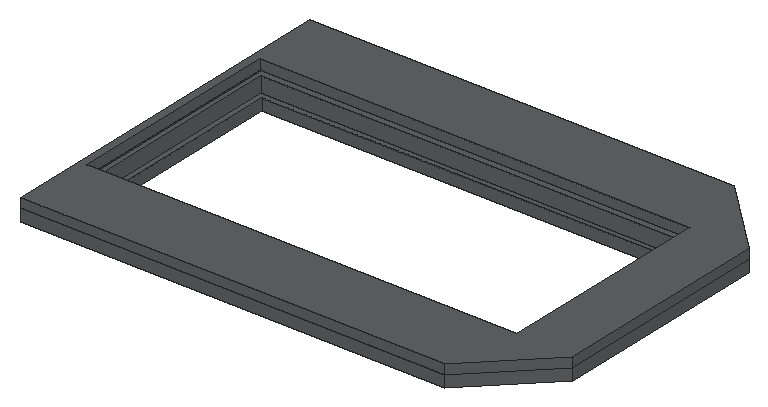
Revit family "Abdeckplatte für Universalträger UT3, Modul 45-Einbauöffnung, 104", category Generic Models, Revit 2015
Parameters (values of type "UT34 P2")
  Width = 76 mm
  URL = "http://www.obo-bettermann.com"
  Material = OBO PA
  Manufacturer Art.No. = "7408773"
  Manufacturer = "OBO Bettermann"
  Length = 104 mm
  Height 1 = 2 mm
  Height = 4.5 mm
  GTIN = "4012196435364"
  Article Type = "UT34 P2"
Reference planes
  plane 1 "Center (Front/Back)": y = 0
  plane 2: z = 0
  plane 3 "Center (Left/Right)": x = 0
  plane 4: z = -2
  plane 5: z = -4.5
  plane 6: z = -5.25
  plane 7: z = -7.75
Forms (mm)
  Extrusion 1, solid, material "OBO PA" <- "Material"
    sketch origin (0, 0, 0) x (1, 0, 0) y (0, 1, 0)
      loop
        line (-62.75, 38) -> (-62.75, -38) -> (26.25, -38) -> (41.25, -23) -> (41.25, 23) -> (26.25, 38) -> (-62.75, 38)
    from 0 to -2
  Extrusion 2, solid, material "OBO PA" <- "Material"
    sketch origin (0, 0, 0) x (1, 0, 0) y (0, 1, 0)
      loop
        line (26.25, 38) -> (-62.75, 38) -> (-62.75, -38) -> (26.25, -38) -> (41.25, -23) -> (41.25, 23) -> (26.25, 38)
      loop
        line (-60.75, 36) -> (-60.75, -36) -> (25.422, -36) -> (39.25, -22.172) -> (39.25, 22.172) -> (25.422, 36) -> (-60.75, 36)
    from -2 to -4.5
  Extrusion 3, void
    sketch origin (0, 0, 0) x (1, 0, 0) y (0, 1, 0)
      loop
        line (-61.05, 22.65) -> (-61.05, -22.65) -> (29.25, -22.65) -> (29.25, 22.65) -> (-61.05, 22.65)
    from 0 to -2
  Extrusion 4, solid, material "OBO PA" <- "Material"
    sketch origin (0, 0, 0) x (1, 0, 0) y (0, 1, 0)
      loop
        line (29.25, 22.65) -> (-61.05, 22.65) -> (-61.05, -22.65) -> (29.25, -22.65) -> (29.25, 22.65)
      loop
        line (27.75, 21.15) -> (-59.55, 21.15) -> (-59.55, -21.15) -> (27.75, -21.15) -> (27.75, 21.15)
    from -2 to -5.25
  Extrusion 5, solid, material "OBO PA" <- "Material"
    sketch origin (0, 0, 0) x (1, 0, 0) y (0, 1, 0)
      loop
        line (-59.55, 21.15) -> (-59.55, -21.15) -> (27.75, -21.15) -> (27.75, 21.15) -> (-59.55, 21.15)
      loop
        line (-58.55, 20.15) -> (-58.55, -20.15) -> (26.75, -20.15) -> (26.75, 20.15) -> (-58.55, 20.15)
    from -5.25 to -7.75
Cuts and joins
  Extrusion 3 cuts Extrusion 1
Dimensions and locks
  "Height 1": level to plane 4
  "Height": level to plane 5
  locked: Extrusion 1 sketch curve to Extrusion 1 sketch curve at 15  (x2)
  "Width": Extrusion 1 sketch curve to Extrusion 1 sketch curve
  "Length": Extrusion 1 sketch curve to Extrusion 1 sketch curve
  equal spacing: Extrusion 1 sketch curve, plane 1 "Center (Front/Back)", Extrusion 1 sketch curve, locked at 38 each
  locked: plane 3 "Center (Left/Right)" to Extrusion 1 sketch curve at 41.25
  locked: Extrusion 3 sketch curve to Extrusion 3 sketch curve at 90.3
  locked: Extrusion 3 sketch curve to Extrusion 3 sketch curve at 45.3
  equal spacing: Extrusion 3 sketch curve, plane 1 "Center (Front/Back)", Extrusion 3 sketch curve, locked at 22.65 each
  locked: Extrusion 3 sketch curve to cut or joined group of Extrusion 1, Extrusion 3 at 12
  plane 3 "Center (Left/Right)" to Extrusion 4 = 61.05 mm
  locked: plane 5 to plane 6 at 0.75
  locked: Extrusion 5 sketch curve to Extrusion 5 sketch curve at 40.3
  equal spacing: Extrusion 5 sketch curve, plane 1 "Center (Front/Back)", Extrusion 5 sketch curve, locked at 20.15 each
  locked: Extrusion 5 sketch curve to Extrusion 5 sketch curve at 85.3
  locked: Extrusion 5 sketch curve to Extrusion 4 at 1
  locked: plane 6 to plane 7 at 2.5
  aligned and locked: level to plane 2
  aligned and locked: Extrusion 1 to level
  aligned and locked: plane 4 to Extrusion 1
  aligned and locked: Extrusion 2 sketch curve to Extrusion 1  (x6)
  aligned and locked: Extrusion 1 to Extrusion 2
  aligned and locked: Extrusion 2 to plane 5
  aligned and locked: Extrusion 3 to level
  aligned and locked: Extrusion 1 to Extrusion 3
  aligned and locked: Extrusion 4 sketch curve to cut or joined group of Extrusion 1, Extrusion 3  (x4)
  aligned and locked: plane 4 to Extrusion 4
  aligned and locked: Extrusion 4 to plane 6
  aligned and locked: Extrusion 5 sketch curve to Extrusion 4  (x4)
  aligned and locked: Extrusion 4 to Extrusion 5
  aligned and locked: Extrusion 5 to plane 7
Automatic sketch dimensions
  Extrusion 1 sketch curve to Extrusion 1 sketch curve = 15 mm  (x2)
  Extrusion 2 sketch curve to Extrusion 2 sketch curve = 2 mm  (x4)
  Extrusion 2 sketch curve to Extrusion 2 sketch curve = 0.828 mm  (x4)
  Extrusion 4 sketch curve to Extrusion 4 sketch curve = 1.5 mm  (x4)
